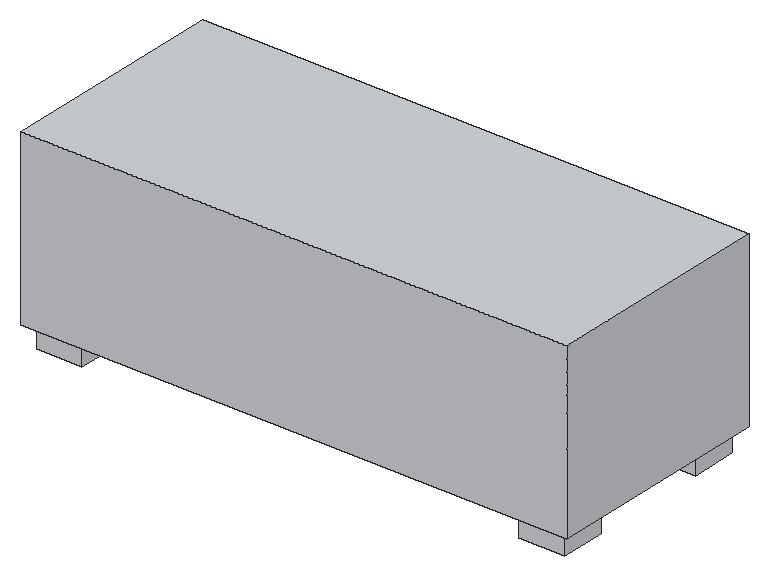
Revit family "PUFE_TOKSTOK", category Furniture, Revit 2018
Family settings
  OmniClass Number = 23.40.20.00
  OmniClass Title = General Furniture and Specialties
  Work Plane-Based = No
  Always vertical = Yes
  Cut with Voids When Loaded = No
  Shared = No
  Room Calculation Point = No
Reference planes (cm)
  plane 1 "Centro (Frente/Trás)": y = 0
  plane 2: z = 0
  plane 3 "Centro (Esquerda/Direita)": x = 0
Forms (cm)
  Extrusion 1, solid
    sketch origin (0, 0, 0) x (1, 0, 0) y (0, 1, 0)
      loop
        line (-60, 25) -> (-60, -25) -> (60, -25) -> (60, 25) -> (-60, 25)
    from 5 to 43
  Extrusion 2, solid
    sketch origin (0, 0, 0) x (1, 0, 0) y (0, 1, 0)
      loop
        line (-58, 23) -> (-58, 13) -> (-48, 13) -> (-48, 23) -> (-58, 23)
      loop
        line (58, 23) -> (48, 23) -> (48, 13) -> (58, 13) -> (58, 23)
      loop
        line (-58, -23) -> (-48, -23) -> (-48, -13) -> (-58, -13) -> (-58, -23)
      loop
        line (58, -23) -> (58, -13) -> (48, -13) -> (48, -23) -> (58, -23)
    from 0 to 5
Dimensions and locks (cm)
  aligned and locked: level to plane 2
